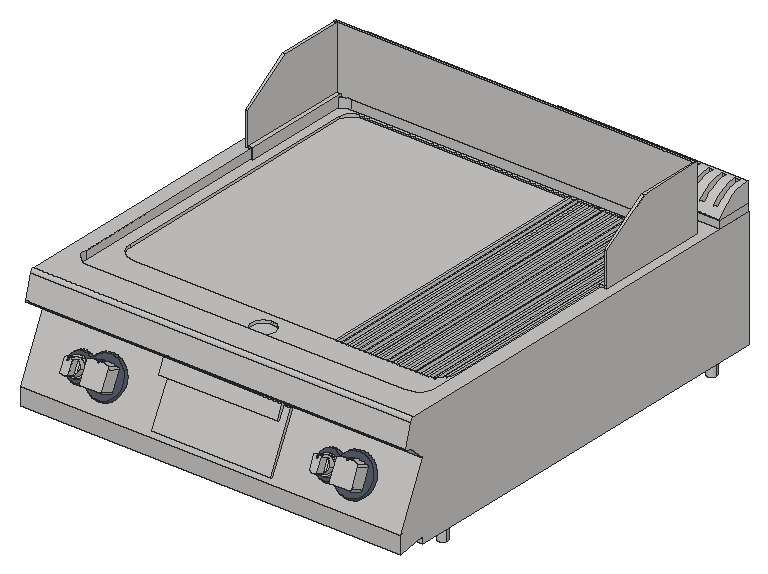
Revit family "QF_ZANUSSI_392055_Z9FTGHCP00", category Specialty Equipment, Revit 2018 (continued)
Automatic sketch dimensions
  plane 5 "FRONT" to Extrusion 1 sketch curve = 0 mm  (x2)
  Extrusion 1 sketch curve to plane 3 "LEFT" = 0 mm
  plane 1 "BACK" to Extrusion 1 sketch curve = 0 mm
  Extrusion 1 sketch curve to plane 3 "LEFT" = 100.019 mm
  plane 4 "RIGHT" to Extrusion 1 sketch curve = 0.05 mm
  Extrusion 1 sketch curve to Extrusion 1 sketch curve = 100.019 mm
  Extrusion 1 sketch curve to plane 1 "BACK" = 100.019 mm
  Extrusion 2 sketch curve to plane 5 "FRONT" = 0 mm
  Extrusion 2 sketch curve to plane 14 = 0 mm
  Extrusion 2 sketch curve to plane 9 "BASE" = 0 mm
  Extrusion 2 sketch curve to plane 18 = 0 mm  (x2)
  Extrusion 2 sketch curve to plane 1 "BACK" = 0 mm
  plane 17 to Extrusion 2 sketch curve = 0.116 mm
  Extrusion 2 sketch curve to Extrusion 2 sketch curve = 2.884 mm
  Extrusion 2 sketch curve to plane 14 = 7.474 mm
  plane 17 to Extrusion 2 sketch curve = 13.167 mm
  Extrusion 2 sketch curve to Extrusion 2 sketch curve = 10.198 mm
  plane 9 "BASE" to Extrusion 2 sketch curve = 13.428 mm
  plane 17 to Extrusion 2 sketch curve = 41.355 mm
  Extrusion 2 sketch curve to Extrusion 2 sketch curve = 0.445 mm
  Extrusion 2 sketch curve to Extrusion 2 sketch curve = 3.2 mm
  Extrusion 2 sketch curve to Extrusion 2 sketch curve = 31.82 mm
  plane 9 "BASE" to Extrusion 2 sketch curve = 5.508 mm
  Extrusion 2 sketch curve to Extrusion 2 sketch curve = 49.342 mm
  Extrusion 2 sketch curve to Extrusion 2 sketch curve = 3 mm
  Extrusion 3 sketch curve to plane 10 = 8.638 mm  (x2)
  Extrusion 3 sketch curve to plane 4 "RIGHT" = 30 mm
  Extrusion 3 sketch curve to Extrusion 3 sketch curve = 25.4 mm  (x2)
  Extrusion 3 sketch curve to Extrusion 3 sketch curve = 37.523 mm
  plane 3 "LEFT" to Extrusion 3 sketch curve = 67.523 mm
  plane 11 to Extrusion 3 sketch curve = 57.4 mm
  plane 10 to Extrusion 4 sketch curve = 0 mm  (x2)
  plane 11 to Extrusion 4 sketch curve = 0 mm
  plane 3 "LEFT" to Extrusion 4 sketch curve = 11.112 mm  (x2)
  Extrusion 4 sketch curve to plane 4 "RIGHT" = 11.113 mm  (x2)
  Extrusion 6 sketch curve to Extrusion 2 = 0 mm  (x2)
  Extrusion 2 to Extrusion 6 sketch curve = 15 mm
  Extrusion 7 sketch curve to plane 1 "BACK" = 0 mm
  plane 1 "BACK" to Extrusion 7 sketch curve = 1.769 mm
  Extrusion 7 sketch curve to plane 11 = 7.988 mm
  Extrusion 7 sketch curve to plane 14 = 27.335 mm
  plane 14 to Extrusion 7 sketch curve = 15 mm
  Extrusion 7 sketch curve to Extrusion 7 sketch curve = 2.959 mm
  plane 1 "BACK" to Extrusion 8 sketch curve = 6.761 mm
  plane 3 "LEFT" to Extrusion 8 sketch curve = 22.749 mm
  Extrusion 8 sketch curve to Extrusion 8 sketch curve = 9.296 mm
  Extrusion 8 sketch curve to plane 11 = 19.089 mm
  Extrusion 9 sketch curve to plane 1 "BACK" = 6.761 mm
  plane 7 "Center Y" to Extrusion 9 sketch curve = 22.749 mm
  Extrusion 9 sketch curve to Extrusion 9 sketch curve = 9.296 mm
  plane 11 to Extrusion 9 sketch curve = 19.089 mm
  plane 1 "BACK" to Extrusion 10 sketch curve = 6.761 mm
  plane 3 "LEFT" to Extrusion 10 sketch curve = 50.737 mm
  Extrusion 10 sketch curve to Extrusion 10 sketch curve = 9.296 mm
  Extrusion 10 sketch curve to plane 11 = 19.089 mm
  plane 1 "BACK" to Extrusion 11 sketch curve = 6.761 mm
  plane 3 "LEFT" to Extrusion 11 sketch curve = 78.725 mm
  Extrusion 11 sketch curve to Extrusion 11 sketch curve = 9.296 mm
  Extrusion 11 sketch curve to plane 11 = 19.089 mm
  plane 1 "BACK" to Extrusion 12 sketch curve = 6.761 mm
  plane 3 "LEFT" to Extrusion 12 sketch curve = 106.689 mm
  Extrusion 12 sketch curve to Extrusion 12 sketch curve = 9.296 mm
  Extrusion 12 sketch curve to plane 11 = 19.089 mm
  plane 1 "BACK" to Extrusion 13 sketch curve = 6.761 mm
  plane 3 "LEFT" to Extrusion 13 sketch curve = 134.677 mm
  Extrusion 13 sketch curve to Extrusion 13 sketch curve = 9.296 mm
  Extrusion 13 sketch curve to plane 11 = 19.089 mm
  plane 1 "BACK" to Extrusion 14 sketch curve = 6.761 mm
  plane 3 "LEFT" to Extrusion 14 sketch curve = 162.665 mm
  Extrusion 14 sketch curve to Extrusion 14 sketch curve = 9.296 mm
  Extrusion 14 sketch curve to plane 11 = 19.089 mm
  plane 1 "BACK" to Extrusion 15 sketch curve = 6.761 mm
  plane 12 to Extrusion 15 sketch curve = 157.346 mm
  Extrusion 15 sketch curve to Extrusion 15 sketch curve = 9.296 mm
  Extrusion 15 sketch curve to plane 11 = 19.089 mm
  plane 1 "BACK" to Extrusion 16 sketch curve = 6.761 mm
  plane 12 to Extrusion 16 sketch curve = 17.43 mm
  Extrusion 16 sketch curve to Extrusion 16 sketch curve = 9.296 mm
  Extrusion 16 sketch curve to plane 11 = 19.089 mm
  Extrusion 17 sketch curve to plane 12 = 10.559 mm
  Extrusion 17 sketch curve to plane 12 = 1.263 mm
  plane 1 "BACK" to Extrusion 17 sketch curve = 6.761 mm
  Extrusion 17 sketch curve to plane 11 = 19.089 mm
  plane 1 "BACK" to Extrusion 18 sketch curve = 6.761 mm
  plane 12 to Extrusion 18 sketch curve = 97.263 mm
  Extrusion 18 sketch curve to Extrusion 18 sketch curve = 9.296 mm
  Extrusion 18 sketch curve to plane 11 = 19.089 mm
  plane 1 "BACK" to Extrusion 19 sketch curve = 6.761 mm
  plane 12 to Extrusion 19 sketch curve = 69.275 mm
  Extrusion 19 sketch curve to Extrusion 19 sketch curve = 9.296 mm
  Extrusion 19 sketch curve to plane 11 = 19.089 mm
  plane 1 "BACK" to Extrusion 20 sketch curve = 6.761 mm
  plane 12 to Extrusion 20 sketch curve = 41.311 mm
  Extrusion 20 sketch curve to Extrusion 20 sketch curve = 9.296 mm
  Extrusion 20 sketch curve to plane 11 = 19.089 mm
  plane 1 "BACK" to Extrusion 21 sketch curve = 6.761 mm
  plane 12 to Extrusion 21 sketch curve = 125.251 mm
  Extrusion 21 sketch curve to Extrusion 21 sketch curve = 9.296 mm
  Extrusion 21 sketch curve to plane 11 = 19.089 mm
  Extrusion 22 sketch curve to Extrusion 3 = 5.362 mm
  Extrusion 22 sketch curve to Extrusion 3 = 30.762 mm
  Extrusion 22 sketch curve to Extrusion 22 sketch curve = 25.4 mm
  Extrusion 22 sketch curve to Extrusion 3 = 25 mm
  Extrusion 22 sketch curve to Extrusion 3 = 122.523 mm  (x2)
  Extrusion 22 sketch curve to Extrusion 3 = 62.523 mm
  Extrusion 22 sketch curve to Extrusion 22 sketch curve = 37.523 mm
  Extrusion 22 sketch curve to Extrusion 3 = 43.885 mm
  Extrusion 22 sketch curve to Extrusion 22 sketch curve = 307.477 mm
  Extrusion 23 sketch curve to plane 6 "TOP" = 0 mm
  Extrusion 23 sketch curve to plane 16 = 0 mm
  Extrusion 23 sketch curve to plane 6 "TOP" = 65 mm
  Extrusion 23 sketch curve to plane 16 = 100.091 mm
  Extrusion 24 sketch curve to plane 6 "TOP" = 0 mm
  Extrusion 24 sketch curve to plane 16 = 0 mm
  Extrusion 24 sketch curve to plane 6 "TOP" = 65 mm
  Extrusion 24 sketch curve to plane 16 = 100.091 mm
  Extrusion 25 sketch curve to plane 6 "TOP" = 0 mm
  Extrusion 25 sketch curve to plane 14 = 0 mm
  Extrusion 25 sketch curve to plane 4 "RIGHT" = 20 mm
  plane 3 "LEFT" to Extrusion 25 sketch curve = 20 mm
  Extrusion 26 sketch curve to plane 1 "BACK" = 0 mm
  Extrusion 26 sketch curve to plane 14 = 0 mm
  Extrusion 26 sketch curve to plane 11 = 7.988 mm
  Extrusion 26 sketch curve to Extrusion 26 sketch curve = 15 mm
  Extrusion 27 sketch curve to plane 1 "BACK" = 0 mm
  plane 1 "BACK" to Extrusion 27 sketch curve = 1.769 mm
  Extrusion 27 sketch curve to plane 11 = 7.988 mm
  plane 14 to Extrusion 27 sketch curve = 58.763 mm
  plane 14 to Extrusion 27 sketch curve = 17.959 mm
  plane 14 to Extrusion 27 sketch curve = 15 mm
  plane 1 "BACK" to Extrusion 28 sketch curve = 6.761 mm
  Extrusion 28 sketch curve to plane 4 "RIGHT" = 22.749 mm
  Extrusion 28 sketch curve to Extrusion 28 sketch curve = 9.296 mm
  Extrusion 28 sketch curve to plane 11 = 19.089 mm
  plane 1 "BACK" to Extrusion 29 sketch curve = 6.761 mm
  plane 7 "Center Y" to Extrusion 29 sketch curve = 22.749 mm
  Extrusion 29 sketch curve to Extrusion 29 sketch curve = 9.296 mm
  Extrusion 29 sketch curve to plane 11 = 19.089 mm
  plane 1 "BACK" to Extrusion 30 sketch curve = 6.761 mm
  Extrusion 30 sketch curve to plane 4 "RIGHT" = 50.737 mm
  Extrusion 30 sketch curve to Extrusion 30 sketch curve = 9.296 mm
  Extrusion 30 sketch curve to plane 11 = 19.089 mm
  plane 1 "BACK" to Extrusion 31 sketch curve = 6.761 mm
  Extrusion 31 sketch curve to plane 4 "RIGHT" = 78.725 mm
  Extrusion 31 sketch curve to Extrusion 31 sketch curve = 9.296 mm
  Extrusion 31 sketch curve to plane 11 = 19.089 mm
  plane 1 "BACK" to Extrusion 32 sketch curve = 6.761 mm
  Extrusion 32 sketch curve to plane 4 "RIGHT" = 106.689 mm
  Extrusion 32 sketch curve to Extrusion 32 sketch curve = 9.296 mm
  Extrusion 32 sketch curve to plane 11 = 19.089 mm
  plane 1 "BACK" to Extrusion 33 sketch curve = 6.761 mm
  Extrusion 33 sketch curve to plane 4 "RIGHT" = 134.677 mm
  Extrusion 33 sketch curve to Extrusion 33 sketch curve = 9.296 mm
  Extrusion 33 sketch curve to plane 11 = 19.089 mm
  plane 1 "BACK" to Extrusion 34 sketch curve = 6.761 mm
  Extrusion 34 sketch curve to plane 4 "RIGHT" = 162.665 mm
  Extrusion 34 sketch curve to Extrusion 34 sketch curve = 9.296 mm
  Extrusion 34 sketch curve to plane 11 = 19.089 mm
  plane 1 "BACK" to Extrusion 35 sketch curve = 6.761 mm
  Extrusion 35 sketch curve to plane 4 "RIGHT" = 190.654 mm
  Extrusion 35 sketch curve to Extrusion 35 sketch curve = 9.296 mm
  Extrusion 35 sketch curve to plane 11 = 19.089 mm
  plane 1 "BACK" to Extrusion 36 sketch curve = 6.761 mm
  plane 7 "Center Y" to Extrusion 36 sketch curve = 69.43 mm
  Extrusion 36 sketch curve to Extrusion 36 sketch curve = 9.296 mm
  Extrusion 36 sketch curve to plane 11 = 19.089 mm
  plane 1 "BACK" to Extrusion 37 sketch curve = 6.761 mm
  plane 7 "Center Y" to Extrusion 37 sketch curve = 41.441 mm
  Extrusion 37 sketch curve to Extrusion 37 sketch curve = 9.296 mm
  Extrusion 37 sketch curve to plane 11 = 19.089 mm
  plane 1 "BACK" to Extrusion 38 sketch curve = 6.761 mm
  plane 7 "Center Y" to Extrusion 38 sketch curve = 149.263 mm
  Extrusion 38 sketch curve to Extrusion 38 sketch curve = 9.296 mm
  Extrusion 38 sketch curve to plane 11 = 19.089 mm
  plane 1 "BACK" to Extrusion 39 sketch curve = 6.761 mm
  plane 7 "Center Y" to Extrusion 39 sketch curve = 121.275 mm
  Extrusion 39 sketch curve to Extrusion 39 sketch curve = 9.296 mm
  Extrusion 39 sketch curve to plane 11 = 19.089 mm
  plane 1 "BACK" to Extrusion 40 sketch curve = 6.761 mm
  plane 7 "Center Y" to Extrusion 40 sketch curve = 93.311 mm
  Extrusion 40 sketch curve to Extrusion 40 sketch curve = 9.296 mm
  Extrusion 40 sketch curve to plane 11 = 19.089 mm
  plane 1 "BACK" to Extrusion 41 sketch curve = 6.761 mm
  plane 7 "Center Y" to Extrusion 41 sketch curve = 177.251 mm
  Extrusion 41 sketch curve to Extrusion 41 sketch curve = 9.296 mm
  Extrusion 41 sketch curve to plane 11 = 19.089 mm
  Extrusion 42 sketch curve to plane 14 = 0 mm  (x2)
  plane 14 to Extrusion 42 sketch curve = 5 mm  (x2)
  Extrusion 42 sketch curve to plane 6 "TOP" = 1 mm  (x2)
  Extrusion 42 sketch curve to plane 14 = 19.6 mm  (x2)
  Extrusion 42 sketch curve to plane 4 "RIGHT" = 20 mm
  Extrusion 42 sketch curve to Extrusion 42 sketch curve = 5 mm  (x6)
  plane 3 "LEFT" to Extrusion 42 sketch curve = 35 mm
  plane 3 "LEFT" to Blend 43 sketch curve = 103.419 mm  (x2)
  Blend 43 sketch curve to Blend 43 sketch curve = 53 mm  (x2)
  Blend 43 sketch curve to Blend 43 sketch curve = 0 mm  (x2)
  Blend 43 sketch curve to Blend 43 sketch curve = 17.95 mm
  Blend 43 sketch curve to Blend 43 sketch curve = 24.037 mm
  Blend 43 sketch curve to Blend 43 sketch curve = 18.422 mm
  Blend 43 sketch curve to Blend 43 sketch curve = 21.086 mm
  plane 3 "LEFT" to Extrusion 44 sketch curve = 101.418 mm
  plane 3 "LEFT" to Extrusion 45 sketch curve = 133.419 mm
  Extrusion 45 sketch curve to Extrusion 45 sketch curve = 2.997 mm  (x3)
  Extrusion 45 sketch curve to Extrusion 45 sketch curve = 20.003 mm  (x2)
  Extrusion 45 sketch curve to Extrusion 45 sketch curve = 40.005 mm
  Extrusion 45 sketch curve to Extrusion 45 sketch curve = 5.399 mm
  Extrusion 45 sketch curve to Extrusion 45 sketch curve = 40.037 mm
  Extrusion 45 sketch curve to Extrusion 45 sketch curve = 0 mm  (x2)
  Split face 26 sketch curve to Split face 26 sketch curve = 2.545 mm
  Split face 26 sketch curve to Split face 26 sketch curve = 4.379 mm
  Split face 27 sketch curve to Split face 27 sketch curve = 0.816 mm  (x2)
  Split face 27 sketch curve to Split face 27 sketch curve = 2.828 mm
  plane 3 "LEFT" to Extrusion 46 sketch curve = 101.418 mm
  plane 18 to Extrusion 47 sketch curve = 40 mm
  plane 3 "LEFT" to Extrusion 47 sketch curve = 84.526 mm
  Extrusion 47 sketch curve to Extrusion 47 sketch curve = 6.058 mm
  Extrusion 47 sketch curve to Extrusion 47 sketch curve = 0.01 mm  (x4)
  Extrusion 47 sketch curve to Extrusion 47 sketch curve = 8.895 mm  (x2)
  Extrusion 47 sketch curve to Extrusion 47 sketch curve = 15.995 mm
  Extrusion 47 sketch curve to Extrusion 47 sketch curve = 2.827 mm
  Extrusion 47 sketch curve to Extrusion 47 sketch curve = 15.163 mm
  Extrusion 47 sketch curve to Extrusion 47 sketch curve = 0 mm
  Extrusion 47 sketch curve to Extrusion 47 sketch curve = 15.173 mm
  plane 18 to Extrusion 48 sketch curve = 35 mm
  Extrusion 48 sketch curve to plane 17 = 5.671 mm
  Extrusion 48 sketch curve to Extrusion 48 sketch curve = 3 mm
  Extrusion 48 sketch curve to Extrusion 48 sketch curve = 0 mm  (x2)
  Extrusion 48 sketch curve to Extrusion 48 sketch curve = 1 mm
  Extrusion 48 sketch curve to Extrusion 48 sketch curve = 15 mm
  Extrusion 49 sketch curve to Extrusion 49 sketch curve = 0 mm  (x2)
  plane 18 to Extrusion 49 sketch curve = 25.027 mm
  plane 17 to Extrusion 49 sketch curve = 0.005 mm
  Extrusion 49 sketch curve to Extrusion 49 sketch curve = 1 mm
  Extrusion 49 sketch curve to Extrusion 49 sketch curve = 2.764 mm
  Extrusion 49 sketch curve to Extrusion 49 sketch curve = 2.616 mm
  Extrusion 49 sketch curve to Extrusion 49 sketch curve = 12.193 mm
  Extrusion 50 sketch curve to Extrusion 50 sketch curve = 0 mm  (x2)
  Extrusion 50 sketch curve to plane 18 = 0 mm  (x2)
  Extrusion 50 sketch curve to plane 5 "FRONT" = 2.621 mm
  Extrusion 50 sketch curve to Extrusion 50 sketch curve = 2.908 mm
  plane 17 to Extrusion 50 sketch curve = 5.047 mm
  Extrusion 50 sketch curve to Extrusion 50 sketch curve = 2.884 mm  (x2)
  plane 17 to Extrusion 50 sketch curve = 17.709 mm
  Extrusion 50 sketch curve to Extrusion 50 sketch curve = 1.711 mm
  Extrusion 50 sketch curve to Extrusion 50 sketch curve = 1.332 mm
  Extrusion 50 sketch curve to Extrusion 50 sketch curve = 2.245 mm
  Extrusion 50 sketch curve to Extrusion 50 sketch curve = 17.505 mm
  Extrusion 50 sketch curve to Extrusion 50 sketch curve = 3.877 mm
  Extrusion 50 sketch curve to Extrusion 50 sketch curve = 1.339 mm
  Extrusion 50 sketch curve to Extrusion 50 sketch curve = 11.162 mm
  Extrusion 50 sketch curve to Extrusion 50 sketch curve = 1.327 mm
  Extrusion 50 sketch curve to Extrusion 50 sketch curve = 0.613 mm
  Extrusion 50 sketch curve to Extrusion 50 sketch curve = 0.787 mm
  Extrusion 51 sketch curve to Extrusion 51 sketch curve = 0 mm  (x2)
  Extrusion 51 sketch curve to plane 18 = 0 mm  (x2)
  Extrusion 51 sketch curve to plane 13 = 0.179 mm
  Extrusion 51 sketch curve to plane 13 = 3.087 mm
  Extrusion 51 sketch curve to plane 13 = 17.606 mm
  Extrusion 51 sketch curve to Extrusion 51 sketch curve = 2.884 mm  (x2)
  Extrusion 51 sketch curve to plane 13 = 30.268 mm
  Extrusion 51 sketch curve to Extrusion 51 sketch curve = 0.82 mm
  Extrusion 51 sketch curve to Extrusion 51 sketch curve = 1.711 mm
  Extrusion 51 sketch curve to Extrusion 51 sketch curve = 1.332 mm
  Extrusion 51 sketch curve to Extrusion 51 sketch curve = 17.505 mm
  Extrusion 51 sketch curve to plane 5 "FRONT" = 5.529 mm
  plane 17 to Extrusion 51 sketch curve = 21.413 mm
  Extrusion 51 sketch curve to Extrusion 51 sketch curve = 0.891 mm
  Extrusion 51 sketch curve to Extrusion 51 sketch curve = 4.467 mm
  Extrusion 51 sketch curve to Extrusion 51 sketch curve = 19.137 mm
  Extrusion 51 sketch curve to Extrusion 51 sketch curve = 1.339 mm
  Extrusion 51 sketch curve to Extrusion 51 sketch curve = 97.223 mm
  Extrusion 51 sketch curve to Extrusion 51 sketch curve = 1.327 mm
  Extrusion 51 sketch curve to Extrusion 51 sketch curve = 16.961 mm
  Extrusion 51 sketch curve to Extrusion 51 sketch curve = 0.787 mm
  Extrusion 51 sketch curve to Extrusion 51 sketch curve = 4.979 mm
  Blend 52 sketch curve to plane 4 "RIGHT" = 171.581 mm  (x2)
  Blend 52 sketch curve to Blend 52 sketch curve = 53 mm  (x2)
  Blend 52 sketch curve to Blend 52 sketch curve = 0 mm  (x2)
  Blend 52 sketch curve to Blend 52 sketch curve = 17.95 mm
  Blend 52 sketch curve to Blend 52 sketch curve = 24.037 mm
  Blend 52 sketch curve to Blend 52 sketch curve = 18.422 mm
  Blend 52 sketch curve to Blend 52 sketch curve = 21.086 mm
  Extrusion 53 sketch curve to plane 4 "RIGHT" = 173.582 mm
  Extrusion 54 sketch curve to plane 4 "RIGHT" = 141.581 mm
  Extrusion 54 sketch curve to Extrusion 54 sketch curve = 2.997 mm  (x3)
  Extrusion 54 sketch curve to Extrusion 54 sketch curve = 20.003 mm  (x2)
  Extrusion 54 sketch curve to Extrusion 54 sketch curve = 40.005 mm
  Extrusion 54 sketch curve to Extrusion 54 sketch curve = 5.399 mm
  Extrusion 54 sketch curve to Extrusion 54 sketch curve = 40.037 mm
  Extrusion 54 sketch curve to Extrusion 54 sketch curve = 0 mm  (x2)
  Split face 54 sketch curve to Split face 54 sketch curve = 2.545 mm
  Split face 54 sketch curve to Split face 54 sketch curve = 4.379 mm
  Split face 55 sketch curve to Split face 55 sketch curve = 0.816 mm  (x2)
  Split face 55 sketch curve to Split face 55 sketch curve = 2.828 mm
  Extrusion 55 sketch curve to plane 4 "RIGHT" = 173.582 mm
  plane 18 to Extrusion 56 sketch curve = 40 mm
  Extrusion 56 sketch curve to plane 4 "RIGHT" = 190.474 mm
  Extrusion 56 sketch curve to Extrusion 56 sketch curve = 6.058 mm
  Extrusion 56 sketch curve to Extrusion 56 sketch curve = 0.01 mm  (x4)
  Extrusion 56 sketch curve to Extrusion 56 sketch curve = 8.895 mm  (x2)
  Extrusion 56 sketch curve to Extrusion 56 sketch curve = 15.995 mm
  Extrusion 56 sketch curve to Extrusion 56 sketch curve = 2.827 mm
  Extrusion 56 sketch curve to Extrusion 56 sketch curve = 15.163 mm
  Extrusion 56 sketch curve to Extrusion 56 sketch curve = 0 mm
  Extrusion 56 sketch curve to Extrusion 56 sketch curve = 15.173 mm
  plane 18 to Extrusion 57 sketch curve = 35 mm
  Extrusion 57 sketch curve to plane 17 = 5.671 mm
  Extrusion 57 sketch curve to Extrusion 57 sketch curve = 3 mm
  Extrusion 57 sketch curve to Extrusion 57 sketch curve = 0 mm  (x2)
  Extrusion 57 sketch curve to Extrusion 57 sketch curve = 1 mm
  Extrusion 57 sketch curve to Extrusion 57 sketch curve = 15 mm
  Extrusion 58 sketch curve to Extrusion 58 sketch curve = 0 mm  (x2)
  plane 18 to Extrusion 58 sketch curve = 25.027 mm
  plane 17 to Extrusion 58 sketch curve = 0.005 mm
  Extrusion 58 sketch curve to Extrusion 58 sketch curve = 1 mm
  Extrusion 58 sketch curve to Extrusion 58 sketch curve = 2.764 mm
  Extrusion 58 sketch curve to Extrusion 58 sketch curve = 2.616 mm
  Extrusion 58 sketch curve to Extrusion 58 sketch curve = 12.193 mm
  plane 3 "LEFT" to curve 175 = 91.746 mm
  curve 175 to curve 176 = 19.344 mm
  curve 176 to curve 150 = 22.329 mm
  curve 150 to curve 151 = 0.809 mm
  curve 154 to curve 154 = 1.583 mm
  curve 151 to curve 152 = 1.846 mm
  curve 151 to curve 165 = 2.189 mm
  curve 150 to curve 153 = 11.892 mm
  curve 154 to curve 156 = 20.417 mm
  curve 152 to curve 155 = 19.134 mm
  curve 155 to curve 164 = 1.738 mm
  curve 156 to curve 157 = 2 mm
  curve 153 to curve 162 = 22.215 mm
  curve 157 to curve 165 = 19.003 mm
  curve 165 to curve 161 = 0.343 mm
  curve 161 to curve 163 = 1.071 mm
  curve 165 to curve 160 = 2.189 mm
  curve 160 to curve 159 = 0.809 mm
  curve 206 to plane 4 "RIGHT" = 183.254 mm
  curve 206 to curve 207 = 19.344 mm
  curve 207 to curve 181 = 22.329 mm
  curve 181 to curve 182 = 0.809 mm
  curve 185 to curve 185 = 1.583 mm
  curve 182 to curve 183 = 1.846 mm
  curve 182 to curve 196 = 2.189 mm
  curve 181 to curve 184 = 11.892 mm
  curve 185 to curve 188 = 20.417 mm
  curve 183 to curve 186 = 19.134 mm
  curve 186 to curve 195 = 1.738 mm
  curve 187 to curve 188 = 2 mm
  curve 184 to curve 193 = 22.215 mm
  curve 188 to curve 196 = 19.003 mm
  curve 196 to curve 192 = 0.343 mm
  curve 192 to curve 194 = 1.071 mm
  curve 196 to curve 191 = 2.189 mm
  curve 191 to curve 190 = 0.809 mm
  curve 186 to plane 13 = 32.481 mm
  curve 186 to curve 195 = 0 mm
  curve 155 to plane 13 = 32.481 mm
  curve 155 to curve 164 = 0 mm
  curve 155 to curve 165 = 86.839 mm
  curve 195 to curve 196 = 86.839 mm
  curve 196 to curve 191 = 1.333 mm
  curve 152 to curve 150 = 1.333 mm
  curve 165 to curve 159 = 1.333 mm
  curve 196 to curve 181 = 1.333 mm
  curve 182 to curve 183 = 2.779 mm
  curve 191 to curve 192 = 2.779 mm
  curve 160 to curve 161 = 2.779 mm
  curve 151 to curve 152 = 2.779 mm
  curve 161 to curve 163 = 14.462 mm
  curve 152 to curve 154 = 14.462 mm
  curve 192 to curve 194 = 14.462 mm
  curve 183 to curve 185 = 14.462 mm
  curve 185 to curve 187 = 1.435 mm
  curve 154 to curve 157 = 1.435 mm
  curve 154 to curve 175 = 5.966 mm
  curve 185 to curve 206 = 5.966 mm
  curve 175 to curve 176 = 0 mm
  curve 206 to curve 207 = 0 mm
  curve 157 to curve 162 = 41.91 mm
  curve 153 to curve 162 = 0 mm
  curve 187 to curve 184 = 41.91 mm
  curve 184 to curve 193 = 0 mm
  curve 175 to curve 175 = 1.229 mm
  curve 175 to curve 175 = 0.445 mm
  curve 176 to curve 176 = 1.675 mm
  curve 176 to curve 176 = 0.445 mm
  curve 153 to curve 150 = 9.809 mm
  curve 155 to curve 154 = 0.284 mm
  curve 163 to curve 164 = 0.284 mm
  curve 159 to curve 162 = 9.809 mm
  curve 206 to curve 206 = 1.229 mm
  curve 206 to curve 206 = 0.445 mm
  curve 207 to curve 207 = 1.675 mm
  curve 207 to curve 207 = 0.445 mm
  curve 184 to curve 181 = 9.809 mm
  curve 185 to curve 185 = 0.284 mm
  curve 194 to curve 195 = 0.284 mm
  curve 190 to curve 193 = 9.809 mm
  curve 154 to curve 154 = 0.567 mm
  curve 185 to curve 185 = 0.567 mm
  curve 194 to curve 194 = 0.567 mm
  curve 163 to curve 163 = 0.567 mm
  curve 186 to curve 184 = 1.156 mm
  curve 195 to curve 193 = 1.156 mm
  curve 163 to curve 162 = 1.156 mm
  curve 154 to curve 153 = 1.156 mm
  curve 207 to curve 207 = 0.083 mm
  curve 176 to curve 176 = 0.083 mm
  curve 175 to curve 175 = 0.083 mm
  curve 206 to curve 206 = 0.083 mm
  curve 193 to curve 190 = 4.292 mm
  curve 195 to curve 189 = 3.441 mm
  curve 187 to curve 189 = 0 mm
  curve 184 to curve 181 = 4.292 mm
  curve 162 to curve 159 = 4.292 mm
  curve 164 to curve 158 = 3.441 mm
  curve 156 to curve 158 = 0 mm
  curve 153 to curve 150 = 4.292 mm
  curve 198 to plane 4 "RIGHT" = 165.584 mm
  curve 198 to curve 205 = 7.998 mm
  curve 198 to curve 197 = 15.995 mm
  plane 3 "LEFT" to curve 167 = 109.416 mm
  curve 167 to curve 174 = 7.998 mm
  curve 167 to curve 166 = 15.995 mm
  curve 174 to plane 13 = 147.937 mm
  curve 205 to plane 13 = 147.937 mm
  curve 205 to curve 197 = 28.914 mm
  curve 174 to curve 167 = 28.914 mm
  curve 201 to curve 201 = 2.259 mm
  curve 200 to curve 201 = 0.319 mm
  curve 200 to curve 198 = 3.717 mm
  curve 201 to curve 200 = 1.423 mm
  curve 204 to curve 200 = 4.288 mm
  curve 200 to curve 205 = 0.001 mm
  curve 200 to curve 199 = 0.001 mm
  curve 202 to curve 202 = 0.865 mm
  curve 202 to curve 202 = 2.495 mm
  curve 202 to curve 199 = 0.141 mm
  curve 197 to curve 199 = 3.718 mm
  curve 200 to curve 203 = 0 mm
  curve 173 to curve 167 = 8.005 mm
  curve 170 to curve 170 = 4 mm
  curve 169 to curve 167 = 3.717 mm
  curve 170 to curve 169 = 1.423 mm
  curve 170 to curve 170 = 2.259 mm
  curve 169 to curve 174 = 0.001 mm
  curve 169 to curve 168 = 0.001 mm
  curve 171 to curve 171 = 0.865 mm
  curve 171 to curve 171 = 2.495 mm
  curve 171 to curve 171 = 0.141 mm
  curve 166 to curve 168 = 3.718 mm
  curve 169 to curve 172 = 0 mm
  curve 205 to curve 199 = 2.937 mm
  curve 205 to curve 204 = 2.937 mm
  curve 200 to curve 204 = 0 mm
  curve 203 to curve 199 = 0 mm  (x2)
  curve 174 to curve 173 = 2.937 mm
  curve 174 to curve 168 = 2.937 mm
  curve 172 to curve 168 = 0 mm
  curve 169 to curve 173 = 0 mm
  curve 199 to curve 197 = 1.224 mm
  curve 168 to curve 166 = 1.224 mm
  curve 200 to curve 198 = 1.224 mm
  curve 169 to curve 167 = 1.224 mm
  curve 172 to curve 172 = 4.847 mm
  curve 203 to curve 199 = 4.847 mm
  curve 174 to curve 168 = 7.784 mm
  curve 168 to curve 169 = 0.003 mm
  curve 173 to curve 173 = 4.85 mm
  curve 203 to curve 200 = 0.003 mm
  curve 204 to curve 204 = 4.85 mm
  curve 200 to curve 201 = 0.047 mm
  curve 169 to curve 170 = 0.047 mm
  curve 202 to curve 202 = 2.86 mm
  curve 171 to curve 171 = 2.86 mm
  Extrusion 6 sketch curve to Extrusion 6 sketch curve = 74.012 mm
  Extrusion 59 sketch curve to plane 14 = 23.6 mm  (x2)
  Extrusion 59 sketch curve to Extrusion 59 sketch curve = 0 mm  (x15)
  Extrusion 59 sketch curve to Extrusion 59 sketch curve = 4.9 mm  (x17)
  Extrusion 59 sketch curve to plane 4 "RIGHT" = 84.5 mm
  Extrusion 59 sketch curve to Extrusion 59 sketch curve = 0.98 mm  (x34)
  Extrusion 59 sketch curve to Extrusion 59 sketch curve = 4.04 mm  (x17)
  Extrusion 59 sketch curve to Extrusion 59 sketch curve = 6 mm  (x16)
  Extrusion 60 sketch curve to plane 14 = 23.6 mm
  Extrusion 60 sketch curve to Extrusion 60 sketch curve = 4.9 mm
  Extrusion 60 sketch curve to plane 4 "RIGHT" = 72.5 mm
  Extrusion 60 sketch curve to Extrusion 60 sketch curve = 0.98 mm  (x2)
  Extrusion 60 sketch curve to Extrusion 60 sketch curve = 4.04 mm
  Extrusion 61 sketch curve to plane 14 = 23.6 mm
  Extrusion 61 sketch curve to Extrusion 61 sketch curve = 4.9 mm
  Extrusion 61 sketch curve to plane 4 "RIGHT" = 60.5 mm
  Extrusion 61 sketch curve to Extrusion 61 sketch curve = 0.98 mm  (x2)
  Extrusion 61 sketch curve to Extrusion 61 sketch curve = 4.04 mm
  plane 5 "FRONT" to curve 3 = 0 mm
  plane 1 "BACK" to curve 15 = 0 mm
  plane 5 "FRONT" to curve 209 = 0 mm
  plane 16 to curve 74 = 0 mm
  plane 5 "FRONT" to curve 208 = 0 mm
  plane 5 "FRONT" to curve 177 = 0 mm
  plane 13 to curve 14 = 0 mm
  curve 230 to plane 17 = 0 mm
  curve 149 to plane 7 "Center Y" = 0 mm
  plane 5 "FRONT" to curve 179 = 0 mm
  plane 5 "FRONT" to curve 180 = 0 mm
  plane 16 to curve 87 = 0 mm
  curve 178 to plane 3 "LEFT" = 0 mm
  plane 5 "FRONT" to curve 1 = 0 mm
  plane 7 "Center Y" to curve 144 = 13.453 mm
  curve 146 to curve 144 = 9.296 mm
  plane 1 "BACK" to curve 140 = 6.761 mm
  curve 140 to curve 146 = 18.693 mm
  curve 141 to curve 140 = 9.296 mm
  curve 137 to curve 141 = 18.693 mm
  curve 137 to curve 136 = 9.296 mm
  plane 1 "BACK" to curve 135 = 6.761 mm
  curve 135 to curve 138 = 14.586 mm
  curve 134 to curve 132 = 9.296 mm
  plane 1 "BACK" to curve 128 = 6.761 mm
  curve 128 to curve 134 = 18.668 mm
  plane 7 "Center Y" to curve 13 = 125 mm
  curve 130 to curve 128 = 9.296 mm
  plane 1 "BACK" to curve 124 = 6.761 mm
  curve 124 to curve 130 = 18.693 mm
  curve 127 to curve 124 = 9.296 mm
  plane 1 "BACK" to curve 120 = 6.761 mm
  curve 120 to curve 126 = 18.693 mm
  curve 122 to curve 120 = 9.296 mm
  plane 1 "BACK" to curve 116 = 6.761 mm
  curve 116 to curve 122 = 22.799 mm
  curve 117 to curve 116 = 9.296 mm
  plane 1 "BACK" to curve 112 = 6.761 mm
  curve 112 to curve 118 = 18.693 mm
  curve 113 to curve 112 = 9.296 mm
  plane 1 "BACK" to curve 108 = 6.761 mm
  curve 108 to curve 114 = 18.693 mm
  curve 110 to curve 108 = 9.296 mm
  curve 105 to curve 109 = 18.693 mm
  curve 106 to curve 104 = 9.296 mm
  curve 82 to plane 10 = 56.115 mm
  curve 82 to plane 4 "RIGHT" = 92.523 mm
  curve 78 to curve 105 = 16.993 mm
  curve 101 to curve 105 = 18.668 mm
  curve 103 to curve 100 = 9.296 mm
  curve 9 to plane 10 = 8.638 mm
  curve 9 to curve 81 = 25 mm
  curve 90 to curve 79 = 25 mm
  curve 80 to curve 90 = 0.4 mm
  plane 1 "BACK" to curve 99 = 6.761 mm
  curve 99 to curve 102 = 18.693 mm
  curve 99 to curve 96 = 9.296 mm
  curve 76 to plane 4 "RIGHT" = 35 mm
  curve 10 to plane 4 "RIGHT" = 30 mm
  curve 92 to curve 97 = 18.693 mm
  curve 89 to curve 85 = 15 mm
  curve 73 to curve 86 = 5 mm
  curve 93 to curve 92 = 9.296 mm
  plane 4 "RIGHT" to curve 6 = 0.05 mm
  plane 4 "RIGHT" to curve 3 = 100.069 mm
  curve 71 to plane 7 "Center Y" = 13.453 mm
  curve 68 to curve 71 = 9.296 mm
  curve 65 to plane 12 = 10.559 mm
  curve 67 to plane 12 = 1.263 mm
  plane 1 "BACK" to curve 60 = 6.761 mm
  plane 12 to curve 60 = 17.43 mm
  curve 60 to curve 63 = 9.296 mm
  curve 61 to curve 56 = 14.586 mm
  curve 56 to curve 58 = 9.296 mm
  curve 57 to curve 53 = 18.668 mm
  plane 12 to curve 13 = 73 mm
  curve 52 to curve 54 = 9.296 mm
  plane 1 "BACK" to curve 48 = 6.761 mm
  curve 54 to curve 48 = 18.693 mm
  curve 48 to curve 50 = 9.296 mm
  curve 49 to curve 45 = 18.693 mm
  curve 44 to curve 46 = 9.296 mm
  plane 1 "BACK" to curve 43 = 6.761 mm
  curve 46 to curve 43 = 22.799 mm
  curve 40 to curve 42 = 9.296 mm
  curve 41 to curve 37 = 18.693 mm
  curve 36 to curve 38 = 9.296 mm
  curve 37 to curve 33 = 18.693 mm
  curve 32 to curve 34 = 9.296 mm
  plane 1 "BACK" to curve 28 = 6.761 mm
  curve 34 to curve 28 = 18.693 mm
  curve 28 to curve 30 = 9.296 mm
  plane 3 "LEFT" to curve 82 = 92.523 mm
  plane 3 "LEFT" to curve 77 = 80.4 mm
  plane 1 "BACK" to curve 27 = 6.761 mm
  curve 30 to curve 27 = 18.668 mm
  curve 24 to curve 26 = 9.296 mm
  curve 8 to plane 10 = 8.638 mm
  curve 82 to curve 8 = 25 mm
  curve 77 to curve 91 = 25 mm
  curve 91 to curve 84 = 0.4 mm
  plane 1 "BACK" to curve 20 = 6.761 mm
  curve 26 to curve 20 = 18.693 mm
  curve 20 to curve 21 = 9.296 mm
  curve 91 to curve 89 = 20.4 mm
  plane 1 "BACK" to curve 16 = 6.761 mm
  curve 22 to curve 16 = 18.693 mm
  curve 87 to curve 73 = 15 mm
  curve 16 to curve 18 = 9.296 mm
  curve 1 to plane 3 "LEFT" = 100.019 mm
  curve 1 to plane 1 "BACK" = 100.019 mm
  plane 1 "BACK" to curve 146 = 6.761 mm
  plane 1 "BACK" to curve 139 = 6.761 mm
  plane 1 "BACK" to curve 107 = 6.761 mm
  plane 1 "BACK" to curve 103 = 6.761 mm
  plane 1 "BACK" to curve 95 = 6.761 mm
  plane 1 "BACK" to curve 32 = 6.761 mm
  plane 1 "BACK" to curve 36 = 6.761 mm
  plane 1 "BACK" to curve 44 = 6.761 mm
  plane 1 "BACK" to curve 71 = 6.761 mm
  plane 1 "BACK" to curve 67 = 6.761 mm
  plane 1 "BACK" to curve 52 = 6.761 mm
  plane 1 "BACK" to curve 56 = 6.761 mm
  curve 58 to plane 11 = 19.089 mm
  curve 60 to plane 11 = 19.089 mm
  curve 54 to plane 11 = 19.089 mm
  curve 64 to plane 11 = 19.089 mm
  curve 50 to plane 11 = 19.089 mm
  curve 68 to plane 11 = 19.089 mm
  curve 46 to plane 11 = 19.089 mm
  curve 118 to plane 11 = 19.089 mm
  curve 136 to plane 11 = 19.089 mm
  curve 42 to plane 11 = 19.089 mm
  curve 134 to plane 11 = 19.089 mm
  curve 38 to plane 11 = 19.089 mm
  curve 130 to plane 11 = 19.089 mm
  curve 34 to plane 11 = 19.089 mm
  curve 126 to plane 11 = 19.089 mm
  curve 146 to plane 11 = 19.089 mm
  curve 30 to plane 11 = 19.089 mm
  curve 122 to plane 11 = 19.089 mm
  curve 114 to plane 11 = 19.089 mm
  curve 92 to plane 11 = 19.089 mm
  curve 26 to plane 11 = 19.089 mm
  curve 96 to plane 11 = 19.089 mm
  curve 22 to plane 11 = 19.089 mm
  curve 100 to plane 11 = 19.089 mm
  curve 18 to plane 11 = 19.089 mm
  curve 104 to plane 11 = 19.089 mm
  curve 113 to curve 108 = 0 mm
  curve 145 to curve 140 = 0 mm
  plane 11 to curve 72 = 27 mm
  curve 72 to curve 87 = 5 mm
  curve 90 to curve 78 = 5.362 mm
  curve 90 to curve 79 = 5.362 mm
  curve 91 to curve 77 = 5.362 mm
  curve 149 to plane 10 = 15 mm
  plane 7 "Center Y" to curve 210 = 120.52 mm
  curve 230 to curve 14 = 0 mm
  curve 211 to curve 210 = 12 mm
  curve 212 to curve 211 = 12 mm
  curve 213 to curve 212 = 12 mm
  curve 214 to curve 213 = 12 mm
  curve 215 to curve 214 = 12 mm
  curve 216 to curve 215 = 12 mm
  curve 217 to curve 216 = 12 mm
  curve 218 to curve 217 = 12 mm
  curve 177 to curve 230 = 93.421 mm
  curve 219 to curve 218 = 12 mm
  curve 208 to curve 177 = 15.995 mm
  curve 220 to curve 219 = 12 mm
  curve 221 to curve 220 = 12 mm
  curve 208 to curve 208 = 24.003 mm
  curve 222 to curve 221 = 12 mm
  curve 223 to curve 222 = 12 mm
  curve 224 to curve 223 = 12 mm
  curve 225 to curve 224 = 12 mm
  curve 209 to curve 208 = 46 mm
  curve 226 to curve 81 = 5.043 mm
  curve 227 to curve 79 = 4.92 mm
  curve 228 to curve 227 = 12 mm
  curve 229 to curve 12 = 0 mm
  curve 229 to curve 177 = 95.581 mm
  curve 177 to curve 179 = 46 mm
  curve 179 to curve 179 = 24.003 mm
  curve 179 to curve 180 = 14.416 mm
  curve 88 to curve 72 = 5 mm
  curve 4 to plane 11 = 7.988 mm
  curve 72 to curve 88 = 5 mm
  curve 148 to curve 148 = 25 mm
  radius of Extrusion 4 sketch curve = 9.525 mm  (x4)
  radius of Extrusion 5 sketch curve = 6.4 mm
  radius of Extrusion 22 sketch curve = 25 mm
  radius of Extrusion 44 sketch curve = 20 mm
  radius of Split face 1 sketch curve = 1 mm
  radius of Split face 2 sketch curve = 1 mm
  radius of Split face 3 sketch curve = 1 mm
  radius of Split face 4 sketch curve = 1 mm
  radius of Split face 5 sketch curve = 1 mm
  radius of Split face 6 sketch curve = 1 mm
  radius of Split face 7 sketch curve = 1 mm
  radius of Split face 8 sketch curve = 1 mm
  radius of Split face 9 sketch curve = 1 mm
  radius of Split face 10 sketch curve = 1 mm
  radius of Split face 11 sketch curve = 1 mm
  radius of Split face 12 sketch curve = 1 mm
  radius of Split face 13 sketch curve = 1 mm
  radius of Split face 14 sketch curve = 1 mm
  radius of Split face 15 sketch curve = 1 mm
  radius of Split face 16 sketch curve = 1 mm
  radius of Split face 17 sketch curve = 1 mm
  radius of Split face 18 sketch curve = 1 mm
  radius of Split face 19 sketch curve = 1 mm
  radius of Split face 20 sketch curve = 1 mm
  radius of Split face 21 sketch curve = 1 mm
  radius of Split face 22 sketch curve = 1 mm
  radius of Split face 23 sketch curve = 1 mm
  radius of Split face 24 sketch curve = 1.508 mm
  radius of Split face 25 sketch curve = 1.343 mm
  radius of Extrusion 46 sketch curve = 16 mm
  radius of Split face 28 sketch curve = 1 mm
  radius of Extrusion 53 sketch curve = 20 mm
  radius of Split face 29 sketch curve = 1 mm
  radius of Split face 30 sketch curve = 1 mm
  radius of Split face 31 sketch curve = 1 mm
  radius of Split face 32 sketch curve = 1 mm
  radius of Split face 33 sketch curve = 1 mm
  radius of Split face 34 sketch curve = 1 mm
  radius of Split face 35 sketch curve = 1 mm
  radius of Split face 36 sketch curve = 1 mm
  radius of Split face 37 sketch curve = 1 mm
  radius of Split face 38 sketch curve = 1 mm
  radius of Split face 39 sketch curve = 1 mm
  radius of Split face 40 sketch curve = 1 mm
  radius of Split face 41 sketch curve = 1 mm
  radius of Split face 42 sketch curve = 1 mm
  radius of Split face 43 sketch curve = 1 mm
  radius of Split face 44 sketch curve = 1 mm
  radius of Split face 45 sketch curve = 1 mm
  radius of Split face 46 sketch curve = 1 mm
  radius of Split face 47 sketch curve = 1 mm
  radius of Split face 48 sketch curve = 1 mm
  radius of Split face 49 sketch curve = 1 mm
  radius of Split face 50 sketch curve = 1 mm
  radius of Split face 51 sketch curve = 1 mm
  radius of Split face 52 sketch curve = 1.508 mm
  radius of Split face 53 sketch curve = 1.343 mm
  radius of Extrusion 55 sketch curve = 16 mm
  radius of Split face 56 sketch curve = 1 mm
Connectors
  piping at (748, -664, 6), diameter 12.8
    settings: on Extrusion 5, index 2, connector inside diameter 0.50394", connector length 0 mm, flow factor 0, pipe flow 0 GPM, pressure drop 0.00 psi, fitting loss kfactor 0, connector angle 0.00°, fixture units 0, engagement length 0 mm, angle of deflection 0.00°, flow configuration 1, flow direction 1, fitting loss method 0, system type 7, joint type 0, gender type 0, connector reference index -1, connector utility 0, adjustable connector no, is connector primary yes, connector description "GAS CONNECTION"
